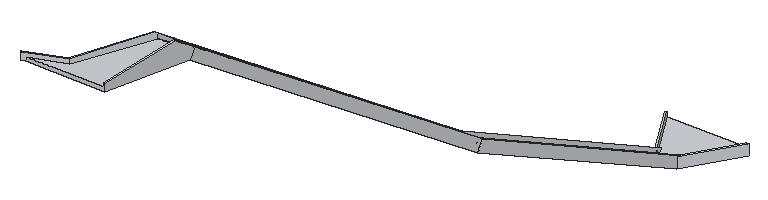
Revit family "Водосброс3Укл", category Обобщенные модели, Revit 2018
Family settings
  Может служить основой для арматурных стержней = Нет
  Размер круглого соединителя = Использовать диаметр
  Тип детали = Нормальный
  На основе рабочей плоскости = Нет
  Всегда вертикально = Да
  При загрузке вырезать с полостями = Нет
  Общий = Нет
  Точка расчета площади = Нет
Parameters
  Уклон3 [instance] = -0.5
  Угол3 [instance] = abs(atan(Уклон3))  # 26.5651°
  Угол23 [instance] = abs(Угол3 - Угол2)  # 7.25703°
  ТипРаструба [instance] = 0
  Превышение3 [instance] = abs(Длина3 * Уклон3)  # 3500 mm
  Превышение1Низ [instance] = if(Превышение1 < 0 mm, abs(Превышение1), 0 mm)  # 100 mm
  Превышение1Верх [instance] = if(Превышение1 > 0 mm, Превышение1, 0 mm)  # 0 mm
  ОтступЛоткаНаОткосе [instance] = 0 mm
  ЛотокШирина = 600 mm
  УклонОтКПЧ [instance] = -0.17
  Уклон2 [instance] = -0.67
  Уклон1 [instance] = -0.04
  Угол2 [instance] = abs(atan(Уклон2))  # 33.8221°
  Превышение2 [instance] = abs(Длина2 * Уклон2)  # 6901 mm
  Превышение1 [instance] = Длина1 * Уклон1  # -100 mm
  НижнЧастьПоложен [instance] = ЗаглублениеЛоткаВОткос / sin(Угол3)  # 223.607 mm
  ЗаглублениеЛоткаВОткос = 100 mm
  ДлинаЛотка2 [instance] = sqrt(XЛоток2 ^ 2 + YЛоток2 ^ 2) - ОтступЛоткаНаОткосе  # 11844.852 mm
  Длина3 [instance] = 7000 mm
  Длина2 [instance] = 10300 mm
  Длина1 [instance] = 2500 mm
  ЛотокВысота = 300 mm
  z [instance] = e / cos(phi)  # 568.491 mm
  yota [instance] = epsilon - Угол3  # 59.8064°
  x1 [instance] = (-b + sqrt(D)) / (2 * a)  # 0.088643
  teta [instance] = 2 * atan(x1)  # 10.1313°
  psi [instance] = 90.00° - gamma  # 82.6426°
  phi [instance] = omega - teta  # 55.6947°
  omega [instance] = 180.00° - delta - psi  # 65.826°
  l2 [instance] = e * tan(phi)  # 469.6 mm
  l1 [instance] = cos(gamma) * d  # 2481.399 mm
  k [instance] = ЗаглублениеЛоткаВОткос / sin(epsilon)  # 100.201 mm
  gamma [instance] = eta - beta  # 7.35744°
  eta [instance] = abs(atan(УклонОтКПЧ))  # 9.64805°
  epsilon [instance] = (360.00° - Угол23 * 2) / 4  # 86.3715°
  e [instance] = d * sin(gamma)  # 320.403 mm
  delta [instance] = Угол2 - beta  # 31.5315°
  d [instance] = Длина1 / cos(beta)  # 2501.999 mm
  c [instance] = -a  # -40.951
  beta [instance] = -atan(Уклон1)  # 2.29061°
  b [instance] = 2 * (e - ЗаглублениеЛоткаВОткос * sin(omega)) / 1 mm  # 458.3451
  a [instance] = ЗаглублениеЛоткаВОткос * cos(omega) / 1 mm  # 40.951
  YЛоток2 [instance] = Превышение2 - Превышение1 - Y + Y1  # 6593.033 mm
  Y1 [instance] = k * sin(yota)  # 86.607 mm
  Y [instance] = L * sin(eta)  # 494.574 mm
  XЛоток2 [instance] = Длина2 + Длина1 - X - X1  # 9840.347 mm
  X1 [instance] = k * cos(yota)  # 50.393 mm
  X [instance] = L * cos(eta)  # 2909.259 mm
  L [instance] = l1 + l2  # 2950.999 mm
  D [instance] = b ^ 2 - 4 * a * c  # 216788.2045
  ТипНижнейЧасти [instance] = НижЧасть_1 : НижЧасть_1
  ТипВерхнейЧасти [instance] = ВерхЧасть_1 : ВерхЧасть_1
  ТипОткоснойЧасти [instance] = ОткоснЧасть_1 : ОткоснЧасть_1
Reference planes
  plane 1 "По центру (Вперед/Назад)": y = 0
  plane 2: z = 0
  plane 3 "По центру (Влево/Вправо)": x = 0
  plane 4: y = 2500
  plane 5: y = 12800
  plane 6: z = -100
  plane 7: z = -7001
  plane 8: z = -494.574
  plane 9: y = 2909.259
  plane 10: y = 19800
  plane 11 "Подошва": z = -10501
  plane 12: y = 19576.393
  plane 13: y = 12749.607
  plane 14: z = -7087.607
  plane 15: z = 0
Lines and regions (mm)
  reference lines
    curve 1: line (0, 0, 0) -> (0, 2500, -100)
    curve 2: line (0, 2500, -100) -> (0, 12800, -7001)
    curve 4: line (0, 12800, -7001) -> (0, 19800, -10501)
  reference lines, style "Лоток"
    curve 3: line (0, 0, 0) -> (0, 2909.259, -494.574)
    curve 5: line (0, 2909.259, -494.574) -> (0, 12749.607, -7087.607)
    curve 6: line (0, 12749.607, -7087.607) -> (0, 19576.393, -10501)
    curve 7: line (0, 19576.393, -10501) -> (-1000, 19576.393, -10501)
    curve 8: line (0, 2909.259, -494.574) -> (-860, 2909.259, -494.574)
    curve 9: line (0, 12749.607, -7087.607) -> (-860, 12749.607, -7087.607)
Dimensions and locks
  "Длина1": plane 1 "По центру (Вперед/Назад)" to plane 4
  "Длина2": plane 4 to plane 5
  "Превышение2": plane 6 to plane 7
  "X": plane 1 "По центру (Вперед/Назад)" to plane 9
  "Y": plane 2 to plane 8
  "Длина3": plane 5 to plane 10
  "Превышение3": plane 7 to plane 11 "Подошва"
  "НижнЧастьПоложен": plane 12 to plane 10
  "Y1": plane 7 to plane 14
  "X1": plane 13 to plane 5
  "Превышение1Верх": plane 15 to plane 2
  "Превышение1Низ": plane 15 to plane 6
  "ОтступЛоткаНаОткосе": curve 5 to curve 8
  "ДлинаЛотка2": curve 8 to curve 9
  aligned and locked: level to plane 2
  aligned and locked: plane 2 to curve 3
  aligned and locked: plane 1 "По центру (Вперед/Назад)" to curve 3
  aligned and locked: plane 8 to curve 3
  aligned and locked: nested 1 to plane 1 "По центру (Вперед/Назад)"
  aligned and locked: plane 3 "По центру (Влево/Вправо)" to nested 1
  aligned and locked: plane 3 "По центру (Влево/Вправо)" to nested 2
  aligned and locked: nested 2 to plane 12
  aligned and locked: curve 7 to curve 6
  aligned and locked: nested 3 to curve 7
  aligned and locked: nested 4 to curve 9
Automatic sketch dimensions
  curve 7 to curve 6 = 0 mm
  curve 7 to curve 6 = 1000 mm
  curve 2 to plane 4 = 0 mm
  curve 5 to plane 9 = 0 mm
  curve 5 to plane 13 = 0 mm
  curve 2 to plane 5 = 0 mm
  plane 11 "Подошва" to curve 6 = 0 mm
  curve 6 to plane 12 = 0 mm
  curve 4 to plane 10 = 0 mm
  plane 11 "Подошва" to curve 4 = 0 mm
  curve 6 to plane 14 = 0 mm
  curve 2 to plane 7 = 0 mm
  curve 2 to plane 6 = 0 mm
  curve 8 to curve 5 = 860 mm
  curve 8 to curve 5 = 0 mm
  curve 9 to curve 8 = 0 mm  (x2)
Nested families
  nested 1: "ВерхЧасть_1" at (0, 0, 0), type <- "ТипВерхнейЧасти", type "ВерхЧасть_1"
    with УклонОтКПЧ -0.17, Угол2 33.8221°, ТипРаструба 0, ПревышениеЛотка 494.574 mm, ОтступЗапас 465.365 mm, ОтступВерхЛотка 166.985 mm, ДлинаЛотка 2909.259 mm, ВысотаЛотка 300 mm, #УширениеПравВнутр 0 mm, #УширениеПрав 0 mm
  nested 2: "НижЧасть_1" at (0, 19576.393, -10501), type <- "ТипНижнейЧасти", type "НижЧасть_1"
  nested 3: "ОткоснЧасть_1" at (0, 12749.607, -7087.607) x (0, 0.8944, -0.4472) z (0, 0.4472, 0.8944), type <- "ТипОткоснойЧасти", type "ОткоснЧасть_1"
    with built-in parameter 1001306 25.041 (stored number, unit not read)
  nested 4: "ОткоснЧасть_1" at (0, 2909.259, -494.574) x (0, 0.8308, -0.5566) z (0, 0.5566, 0.8308), type "ОткоснЧасть_1"
    with built-in parameter 1001306 38.861 (stored number, unit not read)
Definition of nested family "ВерхЧасть_1"
  Parameters (values of type "ВерхЧасть_1")
    ШиринаМонолитногоБетона = 400 mm
    ШиринаЛотка = 600 mm
    УширениеПравВнутр = 710 mm
    УширениеПрав = 1710 mm
    УширениеЛевВнутр = 710 mm
    УширениеЛев = 1710 mm
    УклонОтКПЧ = 0.1
    УклонЛоткаСхематичный = 0.04
    Угол2 = 30.00°
    ТолщинаСтенкиЛотка = 50 mm
    ТипРаструба = 2
    ПревышениеОбочины = abs(ДлинаОбочины * УклонЛоткаСхематичный)  # 100 mm
    ПревышениеЛотка = abs(ДлинаЛотка * УклонОтКПЧ)  # 260 mm
    ОтступСкосаНаПодключенииЛотка = 200 mm
    ОтступЗапас = (ВозвышениеУКПЧ + ПревышениеЛотка) * tan(Угол2)  # 265.581 mm
    ОтступВерхЛотка = ВысотаЛотка * sin(Угол2)  # 175 mm
    ДлинаЛотка = 2600 mm
    ДлинаОбочины = 2500 mm
    ГлубинаЛотка = 100 mm
    ВысотаЛотка = 350 mm
    ВозвышениеУКПЧ = 200 mm
    #УширениеПравВнутр = if(not(ТипРаструба = 0), УширениеПравВнутр, 0 mm)  # 710 mm
    #УширениеПрав = if(not(ТипРаструба = 0), УширениеПрав, 0 mm)  # 1710 mm
    #УширениеЛевВнутр = if(not(ТипРаструба = 1), УширениеЛевВнутр, 0 mm)  # 710 mm
    #УширениеЛев = if(not(ТипРаструба = 1), УширениеЛев, 0 mm)  # 1710 mm
  Reference planes
    plane 1 "По центру (Вперед/Назад)": y = 0
    plane 2: z = 0
    plane 3 "По центру (Влево/Вправо)": x = 0
    plane 4: y = 2600
    plane 5: z = -260
    plane 6: x = -300
    plane 7: x = 300
    plane 8: y = 400
    plane 9: y = 2500
    plane 10: x = -2010
    plane 11: x = 2010
    plane 12: x = -1010
    plane 13: x = 1010
    plane 14: z = 200
    plane 15: z = 100
    plane 16: y = 2775
    plane 17: y = 2865.581
    plane 18: y = 2575
    plane 19: x = -250
    plane 20: x = 250
    plane 21: y = -50
  Forms (mm)
    Extrusion 1, solid
      sketch origin (0, 0, 0) x (1, 0, 0) y (0, 1, 0)
        loop
          line (-2010, 0) -> (2010, 0) -> (1010, 400) -> (300, 2500) -> (300, 2865.581) -> (-300, 2865.581) -> (-300, 2500) -> (-1010, 400) -> (-2010, 0)
      from -260 to 200
    Extrusion 2, void
      sketch origin (0, 0, 0) x (0, 1, 0) y (0, 0, 1)
        loop
          line (-50, 5) -> (-50, -260) -> (2600, -260) -> (-50, 5)
      from -2010 to 2010
    Extrusion 3, void
      sketch origin (0, 0, 0) x (0, 1, 0) y (0, 0, 1)
        loop
          line (2725, -43.494) -> (2600, -260) -> (2865.581, -260) -> (2865.581, 200) -> (0, 200) -> (0, 99.92) -> (2660.957, -6.518) -> (2725, -43.494)
      from -2010 to 2010
    Sweep 4, solid
      path in 3D
        loop
          line (-2010, 0, 0) -> (-1010, 400, 0) -> (-300, 2500, 0) -> (-300, 2865.581, 0)
      profile origin (-1510, 200, 0) x (-0.371391, 0.928477, 0) y (0, 0, 1)
        loop
          line (0, -260) -> (0, 200) -> (-50, 200) -> (-50, -260) -> (0, -260)
    Sweep 5, solid
      path in 3D
        loop
          line (2010, 0, 0) -> (1010, 400, 0) -> (300, 2500, 0) -> (300, 2865.581, 0)
      profile origin (1510, 200, 0) x (-0.371391, -0.928477, 0) y (0, 0, 1)
        loop
          line (0, -260) -> (50, -260) -> (50, 200) -> (0, 200) -> (0, -260)
    Extrusion 6, void
      sketch origin (0, 0, 0) x (0, 1, 0) y (0, 0, 1)
        loop
          line (2600, -260) -> (2865.581, -260) -> (2865.581, 200) -> (2503.257, 200) -> (2775, 43.109) -> (2600, -260)
      from -2010 to 2010
  Cuts and joins
    Extrusion 2, Extrusion 3 cuts Extrusion 1
    Extrusion 2, Extrusion 6 cuts Sweep 4
    Extrusion 2, Extrusion 6 cuts Sweep 5
    joined: Extrusion 1, Sweep 4, Sweep 5
  Lines and regions (mm)
    reference lines
      curve 1: line (0, 0, 0) -> (0, 2600, -260)
      curve 2: line (0, 2600, -260) -> (0, 3310, 969.756)
      curve 3: line (0, 0, 200) -> (0, 2500, 100)
      curve 4: line (0, 2775, 43.109) -> (0, 1770.411, 623.109)
      curve 5: line (-2010, 0, 0) -> (-1010, 400, 0)
      curve 6: line (-1010, 400, 0) -> (-300, 2500, 0)
      curve 7: line (2010, 0, 0) -> (1010, 400, 0)
      curve 8: line (1010, 400, 0) -> (300, 2500, 0)
      curve 9: line (0, 11.143, 99.474) -> (0, 2509.146, -0.446)
      curve 10: line (0, 1733.979, 528.673) -> (0, 2790.53, -81.327)
      curve 11: line (-300, 2500, 0) -> (-300, 2865.581, 0)
      curve 12: line (300, 2500, 0) -> (300, 2865.581, 0)
    sketch lines
      curve 13: line (-2010, 0, 0) -> (-1010, 400, 0)
      curve 14: line (-1010, 400, 0) -> (-300, 2500, 0)
      curve 15: line (-300, 2500, 0) -> (-300, 2865.581, 0)
      curve 16: line (2010, 0, 0) -> (1010, 400, 0)
      curve 17: line (1010, 400, 0) -> (300, 2500, 0)
      curve 18: line (300, 2500, 0) -> (300, 2865.581, 0)
  Dimensions and locks
    "ДлинаЛотка": plane 1 "По центру (Вперед/Назад)" to plane 4
    "ПревышениеЛотка": plane 2 to plane 5
    equal spacing: plane 6, plane 3 "По центру (Влево/Вправо)", plane 7
    "ШиринаЛотка": plane 6 to plane 7
    "ШиринаМонолитногоБетона": plane 1 "По центру (Вперед/Назад)" to plane 8
    "ДлинаОбочины": plane 1 "По центру (Вперед/Назад)" to plane 9
    "#УширениеЛев": plane 10 to plane 6
    "#УширениеПрав": plane 7 to plane 11
    "#УширениеЛевВнутр": plane 12 to plane 6
    "#УширениеПравВнутр": plane 7 to plane 13
    "ВозвышениеУКПЧ": plane 14 to plane 2
    "ПревышениеОбочины": plane 14 to plane 15
    "ОтступВерхЛотка": plane 4 to plane 16
    "ОтступЗапас": plane 4 to plane 17
    "ОтступСкосаНаПодключенииЛотка": plane 18 to plane 16
    "ТолщинаСтенкиЛотка": plane 6 to plane 19
    "ТолщинаСтенкиЛотка": plane 20 to plane 7
    "ГлубинаЛотка": curve 9 to curve 3
    "ГлубинаЛотка": curve 4 to curve 10
    "ТолщинаСтенкиЛотка": Sweep 4 sketch curve to Sweep 4 sketch curve
    "ТолщинаСтенкиЛотка": Sweep 5 sketch curve to Sweep 5 sketch curve
    "ТолщинаСтенкиЛотка": plane 21 to plane 1 "По центру (Вперед/Назад)"
    "Угол2": angle curve 2 to plane 4
    "Угол2": angle curve 4 to plane 5
    aligned and locked: level to plane 2
    aligned and locked: plane 5 to curve 2
    aligned and locked: plane 4 to curve 2
    aligned and locked: plane 14 to Extrusion 1
    aligned and locked: Extrusion 1 to plane 5
    aligned and locked: Extrusion 2 sketch curve to curve 1
    aligned and locked: Extrusion 2 sketch curve to Extrusion 1
    aligned and locked: plane 11 to Extrusion 2
    aligned and locked: Extrusion 2 to plane 10
    aligned and locked: Extrusion 1 sketch curve to plane 17
    aligned and locked: Extrusion 1 sketch curve to plane 7
    aligned and locked: plane 6 to Extrusion 1 sketch curve
    aligned and locked: Extrusion 1 sketch curve to plane 1 "По центру (Вперед/Назад)"
    aligned and locked: Extrusion 3 sketch curve to plane 14
    aligned and locked: Extrusion 3 sketch curve to plane 17
    aligned and locked: Extrusion 3 sketch curve to curve 2
    aligned and locked: Extrusion 3 sketch curve to plane 5
    aligned and locked: plane 11 to Extrusion 3
    aligned and locked: Extrusion 3 to plane 10
    aligned and locked: Extrusion 3 sketch curve to plane 1 "По центру (Вперед/Назад)"
    aligned and locked: Extrusion 3 sketch curve to curve 10
    aligned and locked: Extrusion 3 sketch curve to curve 9
    aligned and locked: Sweep 4 sketch curve to plane 14
    aligned and locked: plane 5 to Sweep 4 sketch curve
    aligned and locked: plane 5 to Sweep 5 sketch curve
    aligned and locked: Sweep 5 sketch curve to plane 14
    aligned and locked: Extrusion 2 sketch curve to plane 21
    aligned and locked: Extrusion 6 sketch curve to plane 5
    aligned and locked: Extrusion 6 sketch curve to plane 17
    aligned and locked: Extrusion 6 sketch curve to plane 14
    aligned and locked: Extrusion 6 sketch curve to curve 4
    aligned and locked: Extrusion 6 sketch curve to curve 2
    aligned and locked: plane 11 to Extrusion 6
    aligned and locked: Extrusion 6 to plane 10
  Automatic sketch dimensions
    Extrusion 1 sketch curve to plane 10 = 0 mm
    Extrusion 1 sketch curve to plane 8 = 0 mm  (x2)
    Extrusion 1 sketch curve to plane 12 = 0 mm
    Extrusion 1 sketch curve to plane 13 = 0 mm
    Extrusion 1 sketch curve to plane 11 = 0 mm
    Extrusion 1 sketch curve to plane 9 = 0 mm  (x2)
    plane 1 "По центру (Вперед/Назад)" to curve 5 = 0 mm
    curve 5 to plane 10 = 0 mm
    curve 6 to plane 8 = 0 mm
    curve 6 to plane 12 = 0 mm
    curve 6 to plane 6 = 0 mm
    curve 8 to plane 7 = 0 mm
    curve 8 to plane 8 = 0 mm
    curve 8 to plane 13 = 0 mm
    plane 1 "По центру (Вперед/Назад)" to curve 7 = 0 mm
    curve 7 to plane 11 = 0 mm
    curve 11 to plane 9 = 0 mm
    curve 12 to plane 9 = 0 mm
    curve 12 to plane 17 = 0 mm
    curve 11 to plane 17 = 0 mm
    curve 3 to plane 1 "По центру (Вперед/Назад)" = 0 mm
    curve 1 to level = 0 mm
    curve 1 to plane 1 "По центру (Вперед/Назад)" = 0 mm
    curve 3 to plane 9 = 0 mm
    curve 4 to plane 16 = 0 mm
    curve 3 to plane 15 = 0 mm
    curve 3 to plane 14 = 0 mm
    curve 3 to curve 9 = 15.152 mm
    curve 3 to curve 9 = 13.153 mm
    curve 10 to curve 4 = 75.667 mm
    curve 10 to curve 4 = 15.667 mm
    Sweep 4 sketch curve to profile plane = 0 mm
    Sweep 5 sketch curve to profile plane = 0 mm
Definition of nested family "НижЧасть_1"
  Parameters (values of type "НижЧасть_1")
    ШиринаНаВыходе = 2280 mm
    ШиринаЛотка = 600 mm
    ТолщинаСтенкиЛотка = 50 mm
    Default Elevation = 1219.2 mm
    Длина = 1400 mm
    ГлубинаЛотка = 100 mm
    ВысотаЛотка = 300 mm
  Reference planes
    plane 1 "По центру (Вперед/Назад)": y = 0
    plane 2: z = 0
    plane 3 "По центру (Влево/Вправо)": x = 0
    plane 4: y = 1400
    plane 5: x = 300
    plane 6: x = -300
    plane 7: x = -1140
    plane 8: x = 1140
    plane 9: z = 300
    plane 10: z = 200
  Forms (mm)
    Extrusion 1, solid
      sketch origin (0, 0, 0) x (1, 0, 0) y (0, 1, 0)
        loop
          line (-1140, 1400) -> (-300, 0) -> (300, 0) -> (1140, 1400) -> (-1140, 1400)
      from 0 to 300
    Extrusion 2, void
      sketch origin (0, 0, 0) x (1, 0, 0) y (0, 1, 0)
        loop
          line (-1081.69, 1400) -> (-241.69, 0) -> (241.69, 0) -> (1081.69, 1400) -> (-1081.69, 1400)
      from 200 to 300
  Cuts and joins
    Extrusion 2 cuts Extrusion 1
  Lines and regions (mm)
    reference lines
      curve 1: line (-1140, 1400, 0) -> (-300, 0, 0)
      curve 2: line (300, 0, 0) -> (1140, 1400, 0)
      curve 3: line (257.125, 25.725, 0) -> (1097.125, 1425.725, 0)
      curve 4: line (-257.125, 25.725, 0) -> (-1097.125, 1425.725, 0)
  Dimensions and locks
    equal spacing: plane 7, plane 3 "По центру (Влево/Вправо)", plane 8
    equal spacing: plane 6, plane 3 "По центру (Влево/Вправо)", plane 5
    "ШиринаЛотка": plane 6 to plane 5
    "ШиринаНаВыходе": plane 7 to plane 8
    "Длина": plane 1 "По центру (Вперед/Назад)" to plane 4
    "ВысотаЛотка": plane 9 to plane 2
    "ГлубинаЛотка": plane 9 to plane 10
    "ТолщинаСтенкиЛотка": curve 2 to curve 3
    "ТолщинаСтенкиЛотка": curve 1 to curve 4
    aligned and locked: level to plane 2
    aligned and locked: Extrusion 1 sketch curve to plane 4
    aligned and locked: Extrusion 1 sketch curve to plane 1 "По центру (Вперед/Назад)"
    aligned and locked: plane 9 to Extrusion 1
    aligned and locked: Extrusion 2 sketch curve to plane 4
    aligned and locked: Extrusion 2 sketch curve to curve 4
    aligned and locked: Extrusion 2 sketch curve to curve 3
    aligned and locked: Extrusion 2 sketch curve to plane 1 "По центру (Вперед/Назад)"
    aligned and locked: plane 9 to Extrusion 2
    aligned and locked: Extrusion 2 to plane 10
  Automatic sketch dimensions
    Extrusion 1 sketch curve to plane 7 = 0 mm
    Extrusion 1 sketch curve to plane 6 = 0 mm
    Extrusion 1 sketch curve to plane 5 = 0 mm
    plane 8 to Extrusion 1 sketch curve = 0 mm
    curve 1 to plane 4 = 0 mm
    curve 1 to plane 7 = 0 mm
    plane 1 "По центру (Вперед/Назад)" to curve 1 = 0 mm
    curve 1 to plane 6 = 0 mm
    plane 1 "По центру (Вперед/Назад)" to curve 2 = 0 mm
    curve 2 to plane 5 = 0 mm
    curve 2 to plane 4 = 0 mm
    curve 2 to plane 8 = 0 mm
    curve 3 to curve 2 = 0 mm  (x2)
    curve 1 to curve 4 = 0 mm  (x2)
Definition of nested family "ОткоснЧасть_1"
  Parameters (values of type "ОткоснЧасть_1")
    ШиринаЛотка = 600 mm
    ТолщинаСтенкиЛотка = 50 mm
    built-in parameter 1001306 [instance] = 1200 mm
    ГлубинаЛотка = 100 mm
    ВысотаЛотка = 300 mm
  Reference planes
    plane 1 "По центру (Вперед/Назад)": y = 0
    plane 2: z = 0
    plane 3 "Слева": x = 0
    plane 4 "Справа": x = 1200
    plane 5: z = 300
    plane 6: y = -300
    plane 7: y = 300
    plane 8: y = 250
    plane 9: z = 200
    plane 10: y = -250
  Forms (mm)
    Extrusion 1, solid
      sketch origin (0, 0, 0) x (0, 1, 0) y (0, 0, 1)
        loop
          line (300, 300) -> (250, 300) -> (250, 200) -> (-250, 200) -> (-250, 300) -> (-300, 300) -> (-300, 0) -> (300, 0) -> (300, 300)
      from 0 to 1200
  Lines and regions (mm)
    reference lines
      curve 1: line (0, 0, 0) -> (1200, 0, 0)
  Dimensions and locks
    "built-in parameter 1001306": plane 3 "Слева" to plane 4 "Справа"
    equal spacing: plane 7, plane 1 "По центру (Вперед/Назад)", plane 6
    "ВысотаЛотка": plane 5 to plane 2
    "ШиринаЛотка": plane 7 to plane 6
    "ТолщинаСтенкиЛотка": plane 7 to plane 8
    "ТолщинаСтенкиЛотка": plane 10 to plane 6
    "ГлубинаЛотка": plane 5 to plane 9
    aligned and locked: plane 4 "Справа" to curve 1
    aligned and locked: plane 1 "По центру (Вперед/Назад)" to curve 1
    aligned and locked: plane 3 "Слева" to curve 1
    aligned and locked: level to plane 2
    aligned and locked: plane 4 "Справа" to Extrusion 1
    aligned and locked: Extrusion 1 to plane 3 "Слева"
    aligned and locked: Extrusion 1 sketch curve to plane 5
    aligned and locked: plane 7 to Extrusion 1 sketch curve
    aligned and locked: Extrusion 1 sketch curve to plane 6
    aligned and locked: plane 9 to Extrusion 1 sketch curve
    aligned and locked: plane 8 to Extrusion 1 sketch curve
    aligned and locked: plane 10 to Extrusion 1 sketch curve
    aligned and locked: plane 5 to Extrusion 1 sketch curve
  Automatic sketch dimensions
    Extrusion 1 sketch curve to level = 0 mm
